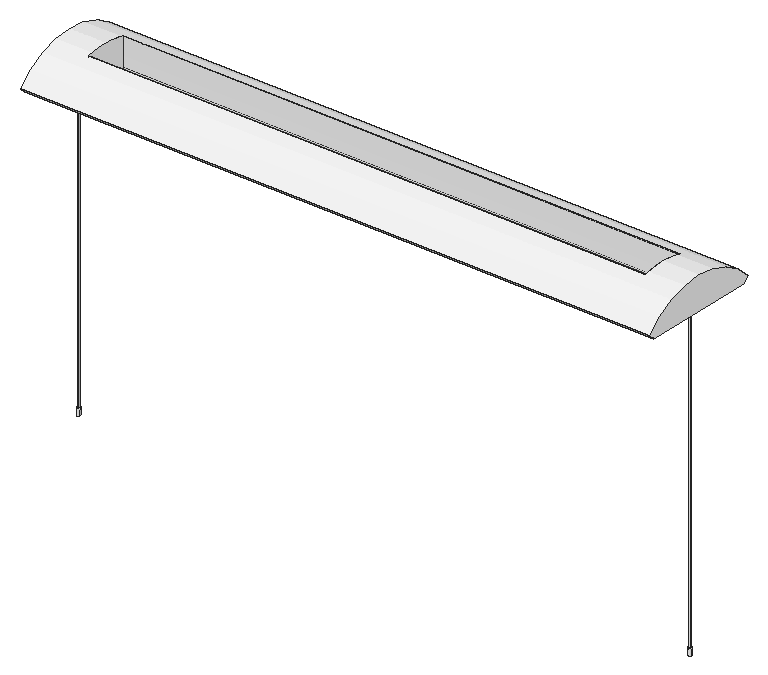
Revit family "SAE106", category Lighting Fixtures, host Face, Revit 2013
Parameters (values of type "SAE106-04")
  Wattage = 13.5 W
  Warranty = "5-Years Warranty"
  built-in parameter 1150110 = 1 (stored number, unit not read)
  Voltage = 120 V
  built-in parameter 1114217 = 1 (stored number, unit not read)
  Tilt Angle = -90.00°
  built-in parameter 1150109 = 1 (stored number, unit not read)
  built-in parameter 1150134 = (empty or 0)
  built-in parameter 1150113 = 1 (stored number, unit not read)
  Power Factor = 1
  Photometric Web Link = "https://www.hubbell.com/litecontrol/en/Products/Lighting-Controls/Commercial-Indoor-Lighting/Pendant-Lighting/SAE-Family/p/2580969"
  Photometric Web File = "SAE106-P-4-SOF-35K-155-10D.IES"
  Photometric Notes = "More IES files download on Photometric Web Link"  # constant formula
  Pendant Height [instance] = 2' - 0"
  zz Length 1 = 4' - 0"
  Wattage Comments = "Up to 133 lumens/watt efficacy"  # constant formula
  URL = "http://www.litecontrol.com/"
  Product Page URL = "https://www.hubbell.com/litecontrol/en/Products/Lighting-Controls/Commercial-Indoor-Lighting/Pendant-Lighting/SAE-Family/p/2580969"
  Model = "SAE106"  # constant formula
  Manufacturer = "Litecontrol Lighting"  # constant formula
  built-in parameter 1150105 = 123.54 (stored number, unit not read)
  Lumens = 1552.5 lm
  built-in parameter 1150115 = 1 (stored number, unit not read)
  Load Classification = Lighting
  built-in parameter 1150137 = (empty or 0)
  built-in parameter 1150139 = (empty or 0)
  built-in parameter 1150112 = 1 (stored number, unit not read)
  built-in parameter 1150114 = 1 (stored number, unit not read)
  Lamp = "LED's"  # constant formula
  built-in parameter 1150132 = (empty or 0)
  built-in parameter 1150102 = (empty or 0)
  built-in parameter 1150107 = 3500 (stored number, unit not read)
  built-in parameter 1150138 = (empty or 0)
  built-in parameter 1150106 = 1.2354 (stored number, unit not read)
  Glass = Hubbell - White Glass
  Emit from Rectangle Width = 0' - 4"  # constant formula
  Emit from Rectangle Length = zz Length 1 - 0' 2"  # 3' - 10"
  Emit Shape Visible in Rendering = no
  built-in parameter 1150104 = 10.684 (stored number, unit not read)
  Dimming Lamp Color Temperature Shift = <None>
  Description = "Linear Pendant Indirect/Direct"  # constant formula
  Default Elevation = 4' - 0"
  Contact Us = "https://www.hubbell.com/litecontrol/en/contactUs"
  Color Filter = 16777215
  built-in parameter 1114218 = 1 (stored number, unit not read)
  Housing Material = Paint - Hubbell - Matte White
  built-in parameter 1150133 = 10 (stored number, unit not read)
  Assembly Code = "D5020200"
  Apparent Load = 0 VA
Types (3): name | built-in parameter 1150134 | zz Length 1 | built-in parameter 1150107 | Emit from Rectangle Length
  (no name) | (empty or 0) | 4' - 0" | 3500 (stored number, unit not read) | 3' - 10"
  SAE106-04 | (empty or 0) | 4' - 0" | 3500 (stored number, unit not read) | 3' - 10"
  SAE106-08 | 3 | 8' - 0" | 3200 (stored number, unit not read) | 7' - 10"
Reference planes (in)
  plane 1 "Center (Front/Back)": y = 13.01342
  plane 2: z = 0
  plane 3 "Center (Left/Right)": x = 0
  plane 4: z = 24
  plane 5: x = -24
  plane 6: x = 24
  plane 7: x = -23.625
  plane 8: x = 23.625
  plane 9: z = 23.5
  plane 10: z = 0.5
  plane 11: z = 25
Forms (in)
  Revolve 1, solid, material "Paint - Hubbell - Matte White" <- "Housing Material"
    sketch origin (-5.75, 13.01342, 0) x (-1, 0, 0) y (0, 0, 1)
      loop
        line (-29.375, 24) -> (-29.375, 0) -> (-29.25, 0) -> (-29.25, 0.5) -> (-29.3125, 0.5) -> (-29.3125, 23.5) -> (-29.25, 23.5) -> (-29.25, 24) -> (-29.375, 24)
      axis (-29.375, 24) -> (-29.375, 0)
    angle from 0 to 360
  Revolve 2, solid, material "Paint - Hubbell - Matte White" <- "Housing Material"
    sketch origin (5.75, 13.01342, 0) x (1, 0, 0) y (0, 0, 1)
      loop
        line (-29.375, 24) -> (-29.375, 0) -> (-29.25, 0) -> (-29.25, 0.5) -> (-29.3125, 0.5) -> (-29.3125, 23.5) -> (-29.25, 23.5) -> (-29.25, 24) -> (-29.375, 24)
      axis (-29.375, 24) -> (-29.375, 0)
    angle from 0 to 360
Dimensions and locks (in)
  "Pendant Height": plane 4 to level
  equal spacing: plane 6, plane 3 "Center (Left/Right)", plane 5
  "zz Length 1": plane 6 to plane 5
  locked: plane 4 to plane 9 at 0.5
  locked: plane 10 to plane 2 at 0.5
  locked: plane 7 to plane 5 at 0.375
  locked: plane 6 to plane 8 at 0.375
  locked: plane 11 to plane 4 at 1
  aligned and locked: plane 2 to host face
  aligned and locked: level to host face
  aligned and locked: Revolve 1 sketch curve to Revolve 1 sketch curve
  aligned and locked: Revolve 1 sketch curve to plane 8
  aligned and locked: plane 4 to Revolve 1 sketch curve
  aligned and locked: Revolve 1 sketch curve to level
  aligned and locked: plane 3 "Center (Left/Right)" to nested 1
  aligned and locked: plane 1 "Center (Front/Back)" to nested 1
  aligned and locked: Revolve 2 sketch curve to Revolve 2 sketch curve
  aligned and locked: plane 9 to Revolve 2
  aligned and locked: plane 10 to Revolve 2
  aligned and locked: Revolve 1 to plane 9
  aligned and locked: Revolve 1 to plane 10
  aligned and locked: plane 3 "Center (Left/Right)" to imposter light
  aligned and locked: plane 11 to imposter light
Automatic sketch dimensions
  host sketch curve to host sketch curve = 8' - 0"  (x2)
  plane 8 to Revolve 1 sketch curve = 0' - 0 1/16"
  Revolve 1 sketch curve to level = 0' - 0 1/2"
  Revolve 1 sketch curve to Revolve 1 sketch curve = 0' - 0 1/16"  (x2)
  plane 4 to Revolve 1 sketch curve = 0' - 0 1/2"
  Revolve 1 sketch curve to Revolve 1 sketch curve = 0' - 0.66777"
  Revolve 1 sketch curve to Revolve 1 sketch curve = 0' - 9.83778"
  Revolve 2 sketch curve to plane 4 = 0' - 0"
  Revolve 2 sketch curve to plane 7 = 0' - 0"
  Revolve 2 sketch curve to level = 0' - 0"
  plane 7 to Revolve 2 sketch curve = 0' - 0 1/16"
  level to Revolve 2 sketch curve = 0' - 0 1/2"
  Revolve 2 sketch curve to Revolve 2 sketch curve = 0' - 0 1/16"  (x2)
  Revolve 2 sketch curve to plane 4 = 0' - 0 1/2"
  Revolve 2 sketch curve to Revolve 2 sketch curve = 0' - 0.66777"
  Revolve 2 sketch curve to Revolve 2 sketch curve = 0' - 9.83778"
Nested families (in)
  nested 1: "106" at (-0.01104, 12.97343, 24), Glass <- "Glass", Backbox <- "Housing Material", Length <- "zz Length 1", type "106"
    with Length 4' - 0", Glass Hubbell - White Glass, Backbox Paint - Hubbell - Matte White
Connectors (in)
  electrical at (0, 13.01342, 24), driven by "Load Classification", driven by "Voltage", driven by "Apparent Load", driven by "Power Factor"
    settings: on nested 1, index 1, voltage 120 V, apparent load 0 VA, apparent load phase1 0 VA, apparent load phase2 0 VA, apparent load phase3 0 VA, power factor 1, load classification "Lighting", number of poles 1, system type 30, power factor state 1, is connector primary yes, connector utility no, sub classification motor no, connector description "Lighting Connector"
Definition of nested family "106"
  Parameters (values of type "106")
    Wattage Comments = ""
    URL = ""
    Model = ""
    Manufacturer = ""
    Length [instance] = 4' - 0"
    Lamp = ""
    Glass [instance] = none
    Description = ""
    Default Elevation = 4' - 0"
    Backbox [instance] = none
    Apparent Load = 0 VA
  Reference planes (in)
    plane 1 "Center (Front/Back)": y = 0.03999
    plane 2: z = 0
    plane 3 "Center (Left/Right)": x = 0.01104
    plane 4: x = -23.98896
    plane 5: x = 24.01104
    plane 6: x = -21.48896
    plane 7: x = 21.51104
    plane 8: y = 4.78999
    plane 9: y = -4.71001
    plane 10: z = 2.5
    plane 11: through (0, -3.14199, -1.17639) normal (0, 0.7071, 0.7071)
    plane 12: through (0, 3.13326, -1.26511) normal (0, 0.7071, -0.7071)
    plane 13: x = -24.30146
    plane 14: x = 24.32354
  Forms (in)
    Extrusion 1, solid
      sketch origin (0, 0, 0.06357) x (1, 0, 0) y (0, 1, 0)
        loop
          line (-48, 48) -> (-48, -48) -> (48, -48) -> (48, 48) -> (-48, 48)
      from -0.06357 to -12.81105
    Extrusion 2, solid, material <- "Backbox"
      sketch origin (0.01104, 0.07998, 2.5) x (0, -1, 0) y (0, 0, -1)
        loop
          line (4.39836, 2.5) -> (-4.31838, 2.5) -> (-4.71001, 2.10837)
          arc (-4.71001, 2.10837) -> (0.03999, 0) -> (4.78999, 2.10837) r 6.40488
          line (4.78999, 2.10837) -> (4.39836, 2.5)
      from -24.3125 to 24.3125
    Extrusion 3, void
      sketch origin (0.01104, 0.07998, 2.5) x (0, -1, 0) y (0, 0, -1)
        loop
          line (1.68517, -0.16098) -> (1.68517, 2.5) -> (-1.60518, 2.5) -> (-1.60518, -0.16098) -> (1.68517, -0.16098)
      from -21.5 to 21.5
    Extrusion 4, solid, material <- "Glass"
      sketch origin (0.01104, 0.07998, 2.5) x (0, -1, 0) y (0, 0, -1)
        loop
          line (1.68517, 0.2707) -> (1.68517, 2.375) -> (-1.60518, 2.375) -> (-1.60518, 0.2707)
          arc (-1.60518, 0.2707) -> (0.03999, 0.05391) -> (1.68517, 0.2707) r 6.35097
      from -21.5 to 21.5
  Cuts and joins
    Extrusion 3 cuts Extrusion 2
  Dimensions and locks (in)
    "Length": plane 5 to plane 4
    locked: plane 6 to plane 4 at 2.5
    locked: plane 5 to plane 7 at 2.5
    equal spacing: plane 5, plane 3 "Center (Left/Right)", plane 4
    equal spacing: plane 8, plane 1 "Center (Front/Back)", plane 9
    plane 8 to plane 9 = 0' - 9 1/2"
    plane 10 to plane 2 = 0' - 2 1/2"
    locked: plane 4 to plane 13 at 0.3125
    locked: plane 14 to plane 5 at 0.3125
    radius of Extrusion 2 sketch curve = 0' - 6.40488"
    aligned and locked: plane 2 to Extrusion 1
    aligned and locked: plane 11 to Extrusion 2 sketch curve
    aligned and locked: plane 12 to Extrusion 2 sketch curve
    aligned and locked: Extrusion 3 to plane 6
    aligned and locked: plane 7 to Extrusion 3
    aligned and locked: Extrusion 4 to plane 6
    aligned and locked: plane 7 to Extrusion 4
    aligned and locked: plane 2 to Extrusion 2 sketch curve
    aligned and locked: Extrusion 2 to plane 13
    aligned and locked: Extrusion 2 to plane 14
    aligned and locked: plane 2 to Extrusion 3 sketch curve
    aligned and locked: Extrusion 4 sketch curve to cut or joined group of Extrusion 2, Extrusion 3  (x2)
  Automatic sketch dimensions
    Extrusion 1 sketch curve to Extrusion 1 sketch curve = 8' - 0"  (x2)
    Extrusion 2 sketch curve to plane 8 = 0' - 0"
    Extrusion 2 sketch curve to plane 9 = 0' - 0"
    level to Extrusion 4 sketch curve = 0' - 0 1/8"
    Extrusion 4 sketch curve to plane 1 "Center (Front/Back)" = 0' - 0"
    Extrusion 4 sketch curve to plane 10 = 0' - 0.2707"
    Extrusion 4 sketch curve to level = 0' - 3.90488"
    plane 10 to Extrusion 3 sketch curve = 0' - 0.16098"
    Extrusion 3 sketch curve to plane 1 "Center (Front/Back)" = 0' - 1.64517"
    plane 1 "Center (Front/Back)" to Extrusion 3 sketch curve = 0' - 1.64517"
